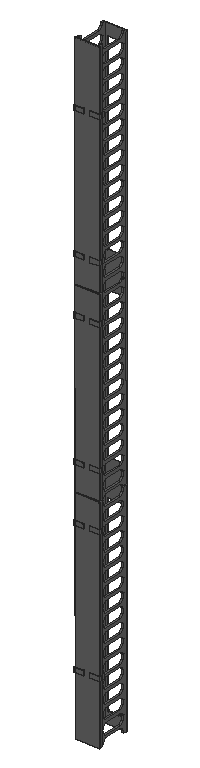
Revit family "Eurolan_Вертикальный организатор с крышкой с пластиковыми пальцами серия D9000 для шкафов шириной 750 мм", category Устройства связи, Revit 2019
Family settings
  Сохранять ориентацию аннотаций = Нет
  Размер круглого соединителя = Использовать диаметр
  Тип детали = Нормальный
  На основе рабочей плоскости = Нет
  Всегда вертикально = Да
  При загрузке вырезать с полостями = Нет
  Общий = Нет
  Точка расчета площади = Нет
Parameters (values of type "Вертикальный организатор с крышкой_48U")
  Выбор_графики = Вертикальный организатор с крышкой 48U с пластиковыми пальцами : Вертикальный организатор с крышкой 48U с пластиковыми пальцами
  ADSK_Примечание = ""
  ADSK_Позиция = ""
  ADSK_Наименование краткое = "Вертикальный организатор с крышкой, 48U, с пластиковыми пальцами"
  ADSK_Наименование = "Вертикальный организатор с крышкой, 48U, с пластиковыми пальцами, серия D9000 (2 шт.), для шкафов шириной 750 мм"
  ADSK_Материал = RAL 9005
  ADSK_Масса = 0
  ADSK_Марка = ""
  ADSK_Количество = 1  # constant formula
  ADSK_Код изделия = "60A-18-48-16-31BL"
  ADSK_Завод-изготовитель = "Eurolan"  # constant formula
  ADSK_Единица измерения = "шт"  # constant formula
Types (3, lengths in mm): name | Выбор_графики | ADSK_Наименование краткое | ADSK_Наименование | ADSK_Код изделия
  (no name) | Вертикальный организатор с крышкой 48U с пластиковыми пальцами : Вертикальный организатор с крышкой 48U с пластиковыми пальцами | "Вертикальный организатор с крышкой, 48U, с пластиковыми пальцами" | "Вертикальный организатор с крышкой, 48U, с пластиковыми пальцами, серия D9000 (2 шт.), для шкафов шириной 750 мм" | "60A-18-48-16-31BL"
  Вертикальный организатор с крышкой_42U | Вертикальный организатор с крышкой 42U с пластиковыми пальцами : Вертикальный организатор с крышкой 42U с пластиковыми пальцами | "Вертикальный организатор с крышкой, 42U, с пластиковыми пальцами" | "Вертикальный организатор с крышкой, 42U, с пластиковыми пальцами, серия D9000 (2 шт.), для шкафов шириной 750 мм" | "60A-18-42-16-31BL"
  Вертикальный организатор с крышкой_48U | Вертикальный организатор с крышкой 48U с пластиковыми пальцами : Вертикальный организатор с крышкой 48U с пластиковыми пальцами | "Вертикальный организатор с крышкой, 48U, с пластиковыми пальцами" | "Вертикальный организатор с крышкой, 48U, с пластиковыми пальцами, серия D9000 (2 шт.), для шкафов шириной 750 мм" | "60A-18-48-16-31BL"
Reference planes
  plane 1 "По центру (Вперед/Назад)": y = 0
  plane 2: z = 0
  plane 3 "По центру (Влево/Вправо)": x = 0
Dimensions and locks
  aligned and locked: level to plane 2
Nested families
  nested 1: "Вертикальный организатор с крышкой 48U с пластиковыми пальцами" at (0, 110, 0), type <- "Выбор_графики", type "Вертикальный организатор с крышкой 48U с пластиковыми пальцами"
Definition of nested family "Вертикальный организатор с крышкой 48U с пластиковыми пальцами"
  Parameters (values of type "Вертикальный организатор с крышкой 48U с пластиковыми пальцами")
    у = 76 mm
    р = 36.4 mm
    п = 88.3 mm
    о = 96.4 mm
    длина_1 = 1710 mm
    ШиринаОборудования = 444 mm
    Ширина_1 = 465 mm
    Длина = 2043 mm
    URL = ""
    ADSK_Размер_Ширина = 482.6 mm  # constant formula
    ADSK_Размер_Глубина = 117.4 mm
    ADSK_Размер_Высота = 43.8 mm
    ADSK_Материал = none
    1U_8портов = yes
  Reference planes
    plane 1 "По центру (Вперед/Назад)": y = 0
    plane 2: z = 0
    plane 3 "По центру (Влево/Вправо)": x = 0
  Forms (mm)
    Extrusion 1, solid, detail levels fine
      sketch origin (-0.082, 2, 21.982) x (0.000255, 0, -1) y (1, 0, 0.000255)
        loop
          line (1021.5, 37.643) -> (-1021.5, 37.643) -> (-1021.5, -38.243) -> (1021.5, -38.243) -> (1021.5, 37.643)
        loop
          arc (361.945, 25.567) -> (360.57, 24.998) -> (360, 23.623) r 1.945
          line (360, 23.623) -> (360, -19.752)
          arc (360, -19.752) -> (360.868, -21.848) -> (362.965, -22.717) r 2.965
          line (362.965, -22.717) -> (980.647, -22.717)
          arc (980.647, -22.717) -> (982.664, -21.881) -> (983.5, -19.863) r 2.853
          line (983.5, -19.863) -> (983.5, 22.659)
          arc (983.5, 22.659) -> (982.583, 24.521) -> (980.79, 25.567) r 3.599
          line (980.79, 25.567) -> (361.945, 25.567)
        loop
          arc (-242.673, 25.567) -> (-244.048, 24.998) -> (-244.617, 23.623) r 1.945
          line (-244.617, 23.623) -> (-244.617, -19.752)
          arc (-244.617, -19.752) -> (-243.749, -21.848) -> (-241.653, -22.717) r 2.965
          line (-241.653, -22.717) -> (242.53, -22.717)
          arc (242.53, -22.717) -> (244.547, -21.881) -> (245.383, -19.863) r 2.853
          line (245.383, -19.863) -> (245.383, 22.659)
          arc (245.383, 22.659) -> (244.465, 24.521) -> (242.673, 25.567) r 3.599
          line (242.673, 25.567) -> (-242.673, 25.567)
        loop
          arc (-981.54, 25.567) -> (-982.915, 24.998) -> (-983.485, 23.623) r 1.945
          line (-983.485, 23.623) -> (-983.485, -19.752)
          arc (-983.485, -19.752) -> (-982.616, -21.848) -> (-980.52, -22.717) r 2.965
          line (-980.52, -22.717) -> (-362.838, -22.717)
          arc (-362.838, -22.717) -> (-360.82, -21.881) -> (-359.985, -19.863) r 2.853
          line (-359.985, -19.863) -> (-359.985, 22.659)
          arc (-359.985, 22.659) -> (-360.902, 24.521) -> (-362.695, 25.567) r 3.599
          line (-362.695, 25.567) -> (-981.54, 25.567)
      from 0 to 2
    Extrusion 2, solid, detail levels fine
      sketch origin (-22.282, 0, 21.976) x (0, 1, 0) y (1, 0, 0.000255)
        loop
          line (0, 53.33) -> (0, 59.843) -> (-97.776, 59.843)
          arc (-97.776, 59.843) -> (-96.099, 56.587) -> (-97.776, 53.33) r 4
          line (-97.776, 53.33) -> (0, 53.33)
        loop
          line (-0.032, -9.011) -> (-97.808, -9.011)
          arc (-97.808, -9.011) -> (-96.131, -12.267) -> (-97.808, -15.523) r 4
          line (-97.808, -15.523) -> (-0.032, -15.523) -> (-0.032, -9.011)
      from -1021.5 to 1021.5
    Extrusion 3, void
      sketch origin (-22.282, 0, 21.976) x (0.000255, 0, -1) y (0, 1, 0)
        loop
          line (-836.612, -10.052) -> (-851.188, -10.052) -> (-862.1, -20.964) -> (-862.1, -86.182) -> (-851.188, -97.094) -> (-846.188, -97.094) -> (-846.188, -105.876) -> (-841.612, -105.876) -> (-841.612, -97.094) -> (-836.612, -97.094) -> (-825.7, -86.182) -> (-825.7, -20.964) -> (-836.612, -10.052)
        loop
          line (-881.012, -10.052) -> (-895.588, -10.052) -> (-906.5, -20.964) -> (-906.5, -86.182) -> (-895.588, -97.094) -> (-890.588, -97.094) -> (-890.588, -105.876) -> (-886.012, -105.876) -> (-886.012, -97.094) -> (-881.012, -97.094) -> (-870.1, -86.182) -> (-870.1, -20.964) -> (-881.012, -10.052)
        loop
          line (-925.412, -10.052) -> (-939.988, -10.052) -> (-950.9, -20.964) -> (-950.9, -86.182) -> (-939.988, -97.094) -> (-934.988, -97.094) -> (-934.988, -105.876) -> (-930.412, -105.876) -> (-930.412, -97.094) -> (-925.412, -97.094) -> (-914.5, -86.182) -> (-914.5, -20.964) -> (-925.412, -10.052)
        loop
          line (-969.812, -10.052) -> (-984.388, -10.052) -> (-995.3, -20.964) -> (-995.3, -86.182) -> (-984.388, -97.094) -> (-979.388, -97.094) -> (-979.388, -105.876) -> (-974.812, -105.876) -> (-974.812, -97.094) -> (-969.812, -97.094) -> (-958.9, -86.182) -> (-958.9, -20.964) -> (-969.812, -10.052)
        loop
          line (-1014.212, -10.052) -> (-1028.788, -10.052) -> (-1039.7, -20.964) -> (-1039.7, -86.182) -> (-1028.788, -97.094) -> (-1023.788, -97.094) -> (-1023.788, -105.876) -> (-1019.212, -105.876) -> (-1019.212, -97.094) -> (-1014.212, -97.094) -> (-1003.3, -86.182) -> (-1003.3, -20.964) -> (-1014.212, -10.052)
        loop
          line (-659.012, -10.052) -> (-673.588, -10.052) -> (-684.5, -20.964) -> (-684.5, -86.182) -> (-673.588, -97.094) -> (-668.588, -97.094) -> (-668.588, -105.876) -> (-664.012, -105.876) -> (-664.012, -97.094) -> (-659.012, -97.094) -> (-648.1, -86.182) -> (-648.1, -20.964) -> (-659.012, -10.052)
        loop
          line (-703.412, -10.052) -> (-717.988, -10.052) -> (-728.9, -20.964) -> (-728.9, -86.182) -> (-717.988, -97.094) -> (-712.988, -97.094) -> (-712.988, -105.876) -> (-708.412, -105.876) -> (-708.412, -97.094) -> (-703.412, -97.094) -> (-692.5, -86.182) -> (-692.5, -20.964) -> (-703.412, -10.052)
        loop
          line (-747.812, -10.052) -> (-762.388, -10.052) -> (-773.3, -20.964) -> (-773.3, -86.182) -> (-762.388, -97.094) -> (-757.388, -97.094) -> (-757.388, -105.876) -> (-752.812, -105.876) -> (-752.812, -97.094) -> (-747.812, -97.094) -> (-736.9, -86.182) -> (-736.9, -20.964) -> (-747.812, -10.052)
        loop
          line (-792.212, -10.052) -> (-806.788, -10.052) -> (-817.7, -20.964) -> (-817.7, -86.182) -> (-806.788, -97.094) -> (-801.788, -97.094) -> (-801.788, -105.876) -> (-797.212, -105.876) -> (-797.212, -97.094) -> (-792.212, -97.094) -> (-781.3, -86.182) -> (-781.3, -20.964) -> (-792.212, -10.052)
        loop
          line (-525.812, -10.052) -> (-540.388, -10.052) -> (-551.3, -20.964) -> (-551.3, -86.182) -> (-540.388, -97.094) -> (-535.388, -97.094) -> (-535.388, -105.876) -> (-530.812, -105.876) -> (-530.812, -97.094) -> (-525.812, -97.094) -> (-514.9, -86.182) -> (-514.9, -20.964) -> (-525.812, -10.052)
        loop
          line (-570.212, -10.052) -> (-584.788, -10.052) -> (-595.7, -20.964) -> (-595.7, -86.182) -> (-584.788, -97.094) -> (-579.788, -97.094) -> (-579.788, -105.876) -> (-575.212, -105.876) -> (-575.212, -97.094) -> (-570.212, -97.094) -> (-559.3, -86.182) -> (-559.3, -20.964) -> (-570.212, -10.052)
        loop
          line (-614.612, -10.052) -> (-629.188, -10.052) -> (-640.1, -20.964) -> (-640.1, -86.182) -> (-629.188, -97.094) -> (-624.188, -97.094) -> (-624.188, -105.876) -> (-619.612, -105.876) -> (-619.612, -97.094) -> (-614.612, -97.094) -> (-603.7, -86.182) -> (-603.7, -20.964) -> (-614.612, -10.052)
        loop
          line (-348.212, -10.052) -> (-362.788, -10.052) -> (-373.7, -20.964) -> (-373.7, -86.182) -> (-362.788, -97.094) -> (-357.788, -97.094) -> (-357.788, -105.876) -> (-353.212, -105.876) -> (-353.212, -97.094) -> (-348.212, -97.094) -> (-337.3, -86.182) -> (-337.3, -20.964) -> (-348.212, -10.052)
        loop
          line (-392.612, -10.052) -> (-407.188, -10.052) -> (-418.1, -20.964) -> (-418.1, -86.182) -> (-407.188, -97.094) -> (-402.188, -97.094) -> (-402.188, -105.876) -> (-397.612, -105.876) -> (-397.612, -97.094) -> (-392.612, -97.094) -> (-381.7, -86.182) -> (-381.7, -20.964) -> (-392.612, -10.052)
        loop
          line (-437.012, -10.052) -> (-451.588, -10.052) -> (-462.5, -20.964) -> (-462.5, -86.182) -> (-451.588, -97.094) -> (-446.588, -97.094) -> (-446.588, -105.876) -> (-442.012, -105.876) -> (-442.012, -97.094) -> (-437.012, -97.094) -> (-426.1, -86.182) -> (-426.1, -20.964) -> (-437.012, -10.052)
        loop
          line (-481.412, -10.052) -> (-495.988, -10.052) -> (-506.9, -20.964) -> (-506.9, -86.182) -> (-495.988, -97.094) -> (-490.988, -97.094) -> (-490.988, -105.876) -> (-486.412, -105.876) -> (-486.412, -97.094) -> (-481.412, -97.094) -> (-470.5, -86.182) -> (-470.5, -20.964) -> (-481.412, -10.052)
        loop
          line (-215.012, -10.052) -> (-229.588, -10.052) -> (-240.5, -20.964) -> (-240.5, -86.182) -> (-229.588, -97.094) -> (-224.588, -97.094) -> (-224.588, -105.876) -> (-220.012, -105.876) -> (-220.012, -97.094) -> (-215.012, -97.094) -> (-204.1, -86.182) -> (-204.1, -20.964) -> (-215.012, -10.052)
        loop
          line (-259.412, -10.052) -> (-273.988, -10.052) -> (-284.9, -20.964) -> (-284.9, -86.182) -> (-273.988, -97.094) -> (-268.988, -97.094) -> (-268.988, -105.876) -> (-264.412, -105.876) -> (-264.412, -97.094) -> (-259.412, -97.094) -> (-248.5, -86.182) -> (-248.5, -20.964) -> (-259.412, -10.052)
        loop
          line (-303.812, -10.052) -> (-318.388, -10.052) -> (-329.3, -20.964) -> (-329.3, -86.182) -> (-318.388, -97.094) -> (-313.388, -97.094) -> (-313.388, -105.876) -> (-308.812, -105.876) -> (-308.812, -97.094) -> (-303.812, -97.094) -> (-292.9, -86.182) -> (-292.9, -20.964) -> (-303.812, -10.052)
        loop
          line (96.088, -10.052) -> (81.512, -10.052) -> (70.6, -20.964) -> (70.6, -86.182) -> (81.512, -97.094) -> (86.512, -97.094) -> (86.512, -105.876) -> (91.088, -105.876) -> (91.088, -97.094) -> (96.088, -97.094) -> (107, -86.182) -> (107, -20.964) -> (96.088, -10.052)
        loop
          line (51.688, -10.052) -> (37.112, -10.052) -> (26.2, -20.964) -> (26.2, -86.182) -> (37.112, -97.094) -> (42.112, -97.094) -> (42.112, -105.876) -> (46.688, -105.876) -> (46.688, -97.094) -> (51.688, -97.094) -> (62.6, -86.182) -> (62.6, -20.964) -> (51.688, -10.052)
        loop
          line (-170.612, -10.052) -> (-185.188, -10.052) -> (-196.1, -20.964) -> (-196.1, -86.182) -> (-185.188, -97.094) -> (-180.188, -97.094) -> (-180.188, -105.876) -> (-175.612, -105.876) -> (-175.612, -97.094) -> (-170.612, -97.094) -> (-159.7, -86.182) -> (-159.7, -20.964) -> (-170.612, -10.052)
        loop
          line (273.688, -10.052) -> (259.112, -10.052) -> (248.2, -20.964) -> (248.2, -86.182) -> (259.112, -97.094) -> (264.112, -97.094) -> (264.112, -105.876) -> (268.688, -105.876) -> (268.688, -97.094) -> (273.688, -97.094) -> (284.6, -86.182) -> (284.6, -20.964) -> (273.688, -10.052)
        loop
          line (229.288, -10.052) -> (214.712, -10.052) -> (203.8, -20.964) -> (203.8, -86.182) -> (214.712, -97.094) -> (219.712, -97.094) -> (219.712, -105.876) -> (224.288, -105.876) -> (224.288, -97.094) -> (229.288, -97.094) -> (240.2, -86.182) -> (240.2, -20.964) -> (229.288, -10.052)
        loop
          line (184.888, -10.052) -> (170.312, -10.052) -> (159.4, -20.964) -> (159.4, -86.182) -> (170.312, -97.094) -> (175.312, -97.094) -> (175.312, -105.876) -> (179.888, -105.876) -> (179.888, -97.094) -> (184.888, -97.094) -> (195.8, -86.182) -> (195.8, -20.964) -> (184.888, -10.052)
        loop
          line (140.488, -10.052) -> (125.912, -10.052) -> (115, -20.964) -> (115, -86.182) -> (125.912, -97.094) -> (130.912, -97.094) -> (130.912, -105.876) -> (135.488, -105.876) -> (135.488, -97.094) -> (140.488, -97.094) -> (151.4, -86.182) -> (151.4, -20.964) -> (140.488, -10.052)
        loop
          line (451.288, -10.052) -> (436.712, -10.052) -> (425.8, -20.964) -> (425.8, -86.182) -> (436.712, -97.094) -> (441.712, -97.094) -> (441.712, -105.876) -> (446.288, -105.876) -> (446.288, -97.094) -> (451.288, -97.094) -> (462.2, -86.182) -> (462.2, -20.964) -> (451.288, -10.052)
        loop
          line (406.888, -10.052) -> (392.312, -10.052) -> (381.4, -20.964) -> (381.4, -86.182) -> (392.312, -97.094) -> (397.312, -97.094) -> (397.312, -105.876) -> (401.888, -105.876) -> (401.888, -97.094) -> (406.888, -97.094) -> (417.8, -86.182) -> (417.8, -20.964) -> (406.888, -10.052)
        loop
          line (362.488, -10.052) -> (347.912, -10.052) -> (337, -20.964) -> (337, -86.182) -> (347.912, -97.094) -> (352.912, -97.094) -> (352.912, -105.876) -> (357.488, -105.876) -> (357.488, -97.094) -> (362.488, -97.094) -> (373.4, -86.182) -> (373.4, -20.964) -> (362.488, -10.052)
        loop
          line (318.088, -10.052) -> (303.512, -10.052) -> (292.6, -20.964) -> (292.6, -86.182) -> (303.512, -97.094) -> (308.512, -97.094) -> (308.512, -105.876) -> (313.088, -105.876) -> (313.088, -97.094) -> (318.088, -97.094) -> (329, -86.182) -> (329, -20.964) -> (318.088, -10.052)
        loop
          line (584.488, -10.052) -> (569.912, -10.052) -> (559, -20.964) -> (559, -86.182) -> (569.912, -97.094) -> (574.912, -97.094) -> (574.912, -105.876) -> (579.488, -105.876) -> (579.488, -97.094) -> (584.488, -97.094) -> (595.4, -86.182) -> (595.4, -20.964) -> (584.488, -10.052)
        loop
          line (540.088, -10.052) -> (525.512, -10.052) -> (514.6, -20.964) -> (514.6, -86.182) -> (525.512, -97.094) -> (530.512, -97.094) -> (530.512, -105.876) -> (535.088, -105.876) -> (535.088, -97.094) -> (540.088, -97.094) -> (551, -86.182) -> (551, -20.964) -> (540.088, -10.052)
        loop
          line (495.688, -10.052) -> (481.112, -10.052) -> (470.2, -20.964) -> (470.2, -86.182) -> (481.112, -97.094) -> (486.112, -97.094) -> (486.112, -105.876) -> (490.688, -105.876) -> (490.688, -97.094) -> (495.688, -97.094) -> (506.6, -86.182) -> (506.6, -20.964) -> (495.688, -10.052)
        loop
          line (762.088, -10.052) -> (747.512, -10.052) -> (736.6, -20.964) -> (736.6, -86.182) -> (747.512, -97.094) -> (752.512, -97.094) -> (752.512, -105.876) -> (757.088, -105.876) -> (757.088, -97.094) -> (762.088, -97.094) -> (773, -86.182) -> (773, -20.964) -> (762.088, -10.052)
        loop
          line (717.688, -10.052) -> (703.112, -10.052) -> (692.2, -20.964) -> (692.2, -86.182) -> (703.112, -97.094) -> (708.112, -97.094) -> (708.112, -105.876) -> (712.688, -105.876) -> (712.688, -97.094) -> (717.688, -97.094) -> (728.6, -86.182) -> (728.6, -20.964) -> (717.688, -10.052)
        loop
          line (673.288, -10.052) -> (658.712, -10.052) -> (647.8, -20.964) -> (647.8, -86.182) -> (658.712, -97.094) -> (663.712, -97.094) -> (663.712, -105.876) -> (668.288, -105.876) -> (668.288, -97.094) -> (673.288, -97.094) -> (684.2, -86.182) -> (684.2, -20.964) -> (673.288, -10.052)
        loop
          line (628.888, -10.052) -> (614.312, -10.052) -> (603.4, -20.964) -> (603.4, -86.182) -> (614.312, -97.094) -> (619.312, -97.094) -> (619.312, -105.876) -> (623.888, -105.876) -> (623.888, -97.094) -> (628.888, -97.094) -> (639.8, -86.182) -> (639.8, -20.964) -> (628.888, -10.052)
        loop
          line (850.888, -10.052) -> (836.312, -10.052) -> (825.4, -20.964) -> (825.4, -86.182) -> (836.312, -97.094) -> (841.312, -97.094) -> (841.312, -105.876) -> (845.888, -105.876) -> (845.888, -97.094) -> (850.888, -97.094) -> (861.8, -86.182) -> (861.8, -20.964) -> (850.888, -10.052)
        loop
          line (806.488, -10.052) -> (791.912, -10.052) -> (781, -20.964) -> (781, -86.182) -> (791.912, -97.094) -> (796.912, -97.094) -> (796.912, -105.876) -> (801.488, -105.876) -> (801.488, -97.094) -> (806.488, -97.094) -> (817.4, -86.182) -> (817.4, -20.964) -> (806.488, -10.052)
        loop
          line (895.288, -10.052) -> (880.712, -10.052) -> (869.8, -20.964) -> (869.8, -86.182) -> (880.712, -97.094) -> (885.712, -97.094) -> (885.712, -105.876) -> (890.288, -105.876) -> (890.288, -97.094) -> (895.288, -97.094) -> (906.2, -86.182) -> (906.2, -20.964) -> (895.288, -10.052)
        loop
          line (939.688, -10.052) -> (925.112, -10.052) -> (914.2, -20.964) -> (914.2, -86.182) -> (925.112, -97.094) -> (930.112, -97.094) -> (930.112, -105.876) -> (934.688, -105.876) -> (934.688, -97.094) -> (939.688, -97.094) -> (950.6, -86.182) -> (950.6, -20.964) -> (939.688, -10.052)
        loop
          line (984.088, -10.052) -> (969.512, -10.052) -> (958.6, -20.964) -> (958.6, -86.182) -> (969.512, -97.094) -> (974.512, -97.094) -> (974.512, -105.876) -> (979.088, -105.876) -> (979.088, -97.094) -> (984.088, -97.094) -> (995, -86.182) -> (995, -20.964) -> (984.088, -10.052)
        loop
          line (1028.488, -10.052) -> (1013.912, -10.052) -> (1003, -20.964) -> (1003, -86.182) -> (1013.912, -97.094) -> (1018.912, -97.094) -> (1018.912, -105.876) -> (1023.488, -105.876) -> (1023.488, -97.094) -> (1028.488, -97.094) -> (1039.4, -86.182) -> (1039.4, -20.964) -> (1028.488, -10.052)
        loop
          line (7.288, -10.052) -> (-7.288, -10.052) -> (-18.2, -20.964) -> (-18.2, -86.182) -> (-7.288, -97.094) -> (-2.288, -97.094) -> (-2.288, -105.876) -> (2.288, -105.876) -> (2.288, -97.094) -> (7.288, -97.094) -> (18.2, -86.182) -> (18.2, -20.964) -> (7.288, -10.052)
        loop
          line (-37.112, -10.052) -> (-51.688, -10.052) -> (-62.6, -20.964) -> (-62.6, -86.182) -> (-51.688, -97.094) -> (-46.688, -97.094) -> (-46.688, -105.876) -> (-42.112, -105.876) -> (-42.112, -97.094) -> (-37.112, -97.094) -> (-26.2, -86.182) -> (-26.2, -20.964) -> (-37.112, -10.052)
        loop
          line (-81.512, -10.052) -> (-96.088, -10.052) -> (-107, -20.964) -> (-107, -86.182) -> (-96.088, -97.094) -> (-91.088, -97.094) -> (-91.088, -105.876) -> (-86.512, -105.876) -> (-86.512, -97.094) -> (-81.512, -97.094) -> (-70.6, -86.182) -> (-70.6, -20.964) -> (-81.512, -10.052)
        loop
          line (-125.912, -10.052) -> (-140.488, -10.052) -> (-151.4, -20.964) -> (-151.4, -86.182) -> (-140.488, -97.094) -> (-135.488, -97.094) -> (-135.488, -105.876) -> (-130.912, -105.876) -> (-130.912, -97.094) -> (-125.912, -97.094) -> (-115, -86.182) -> (-115, -20.964) -> (-125.912, -10.052)
      from -23.169 to 67.433
    Extrusion 4, solid, detail levels fine
      sketch origin (-22.148, 0, 21.976) x (0.000255, 0, -1) y (1, 0, 0.000255)
        loop
          arc (-1019.506, 61.153) -> (-1020.924, 60.565) -> (-1021.511, 59.147) r 2.006
          line (-1021.511, 59.147) -> (-1021.511, -15.983)
          arc (-1021.511, -15.983) -> (-1021.092, -16.994) -> (-1020.08, -17.414) r 1.431
          line (-1020.08, -17.414) -> (1019.5, -17.414)
          arc (1019.5, -17.414) -> (1020.914, -16.828) -> (1021.5, -15.414) r 2
          line (1021.5, -15.414) -> (1021.5, 59.152)
          arc (1021.5, 59.152) -> (1020.914, 60.567) -> (1019.499, 61.153) r 2.001
          line (1019.499, 61.153) -> (-1019.506, 61.153)
      from 109.305 to 110.805
    Extrusion 5, solid, detail levels fine
      sketch origin (-22.282, 0, 21.976) x (0, 1, 0) y (1, 0, 0.000255)
        loop
          circle (-100.1, 56.498) r 4
        loop
          circle (-100.1, -12.451) r 4
      from -1021.511 to 1021.5
    Extrusion 6, solid, detail levels fine
      sketch origin (-22.267, 0, -36.055) x (0, 1, 0) y (-1, 0, -0.000255)
        loop
          line (-113.183, -31.662) -> (-113.183, -63.926) -> (-105.998, -63.926) -> (-105.998, -62.042) -> (-94.798, -62.042) -> (-94.798, -60.202) -> (-97.485, -60.202)
          arc (-97.485, -60.202) -> (-98.854, -60.783) -> (-100.327, -60.981) r 5.577
          arc (-100.327, -60.981) -> (-104.827, -56.481) -> (-100.327, -51.981) r 4.5
          arc (-100.327, -51.981) -> (-98.766, -52.173) -> (-97.322, -52.794) r 5.578
          line (-97.322, -52.794) -> (-94.798, -52.794) -> (-94.798, -50.954) -> (-105.998, -50.954) -> (-105.998, -31.662) -> (-108.808, -31.662) -> (-108.808, -61.685) -> (-111.683, -61.685) -> (-111.683, -31.662) -> (-113.183, -31.662)
      from -163.352 to -148.352
    Extrusion 7, solid, detail levels fine
      sketch origin (-0.366, 0, -36.049) x (0, 1, 0) y (-1, 0, -0.000255)
        loop
          line (-113.06, 10.291) -> (-111.56, 10.291) -> (-111.56, 39.738) -> (-108.686, 39.738) -> (-108.686, 10.291) -> (-105.876, 10.291) -> (-105.876, 28.723) -> (-94.57, 28.723) -> (-94.57, 30.562) -> (-97.094, 30.562)
          arc (-97.094, 30.562) -> (-98.534, 29.908) -> (-100.1, 29.683) r 5.577
          arc (-100.1, 29.683) -> (-104.6, 34.183) -> (-100.1, 38.683) r 4.5
          arc (-100.1, 38.683) -> (-98.627, 38.485) -> (-97.258, 37.905) r 5.577
          line (-97.258, 37.905) -> (-94.57, 37.905) -> (-94.57, 39.744) -> (-105.876, 39.744) -> (-105.876, 41.979) -> (-113.06, 41.979) -> (-113.06, 10.291)
      from -163.352 to -148.352
    Extrusion 8, solid, detail levels fine
      sketch origin (-22.282, 0, 21.976) x (0.000255, 0, -1) y (0, 1, 0)
        loop
          line (-1021.511, -109.305) -> (-1021.511, -110.805) -> (1021.5, -110.805) -> (1021.5, -109.305) -> (-1021.511, -109.305)
      from -17.067 to 61.209
    Extrusion 9, solid, detail levels fine
      sketch origin (-22.296, 0, 79.241) x (0, 1, 0) y (1, 0, 0.000255)
        loop
          line (-113.183, 31.662) -> (-111.683, 31.662) -> (-111.683, 61.685) -> (-108.808, 61.685) -> (-108.808, 31.662) -> (-105.998, 31.662) -> (-105.998, 50.954) -> (-94.798, 50.954) -> (-94.798, 52.794) -> (-97.322, 52.794)
          arc (-97.322, 52.794) -> (-98.766, 52.173) -> (-100.327, 51.981) r 5.578
          arc (-100.327, 51.981) -> (-104.827, 56.481) -> (-100.327, 60.981) r 4.5
          arc (-100.327, 60.981) -> (-98.854, 60.783) -> (-97.485, 60.202) r 5.577
          line (-97.485, 60.202) -> (-94.798, 60.202) -> (-94.798, 62.042) -> (-105.998, 62.042) -> (-105.998, 63.926) -> (-113.183, 63.926) -> (-113.183, 31.662)
      from -163.352 to -148.352
    Extrusion 10, solid, detail levels fine
      sketch origin (-0.396, 0, 79.247) x (0, 1, 0) y (1, 0, 0.000255)
        loop
          line (-113.06, -10.291) -> (-113.06, -41.979) -> (-105.876, -41.979) -> (-105.876, -39.744) -> (-94.57, -39.744) -> (-94.57, -37.905) -> (-97.258, -37.905)
          arc (-97.258, -37.905) -> (-98.627, -38.485) -> (-100.1, -38.683) r 5.577
          arc (-100.1, -38.683) -> (-104.6, -34.183) -> (-100.1, -29.683) r 4.5
          arc (-100.1, -29.683) -> (-98.534, -29.908) -> (-97.094, -30.562) r 5.577
          line (-97.094, -30.562) -> (-94.57, -30.562) -> (-94.57, -28.723) -> (-105.876, -28.723) -> (-105.876, -10.291) -> (-108.686, -10.291) -> (-108.686, -39.738) -> (-111.56, -39.738) -> (-111.56, -10.291) -> (-113.06, -10.291)
      from -163.352 to -148.352
    Extrusion 11, solid, detail levels fine
      sketch origin (-22.113, 0, -640.672) x (0, 1, 0) y (-1, 0, -0.000255)
        loop
          line (-113.183, -31.662) -> (-113.183, -63.926) -> (-105.998, -63.926) -> (-105.998, -62.042) -> (-94.798, -62.042) -> (-94.798, -60.202) -> (-97.485, -60.202)
          arc (-97.485, -60.202) -> (-98.854, -60.783) -> (-100.327, -60.981) r 5.577
          arc (-100.327, -60.981) -> (-104.827, -56.481) -> (-100.327, -51.981) r 4.5
          arc (-100.327, -51.981) -> (-98.766, -52.173) -> (-97.322, -52.794) r 5.578
          line (-97.322, -52.794) -> (-94.798, -52.794) -> (-94.798, -50.954) -> (-105.998, -50.954) -> (-105.998, -31.662) -> (-108.808, -31.662) -> (-108.808, -61.685) -> (-111.683, -61.685) -> (-111.683, -31.662) -> (-113.183, -31.662)
      from -163.352 to -148.352
    Extrusion 12, solid, detail levels fine
      sketch origin (-0.212, 0, -640.666) x (0, 1, 0) y (-1, 0, -0.000255)
        loop
          line (-113.06, 10.291) -> (-111.56, 10.291) -> (-111.56, 39.738) -> (-108.686, 39.738) -> (-108.686, 10.291) -> (-105.876, 10.291) -> (-105.876, 28.723) -> (-94.57, 28.723) -> (-94.57, 30.562) -> (-97.094, 30.562)
          arc (-97.094, 30.562) -> (-98.534, 29.908) -> (-100.1, 29.683) r 5.577
          arc (-100.1, 29.683) -> (-104.6, 34.183) -> (-100.1, 38.683) r 4.5
          arc (-100.1, 38.683) -> (-98.627, 38.485) -> (-97.258, 37.905) r 5.577
          line (-97.258, 37.905) -> (-94.57, 37.905) -> (-94.57, 39.744) -> (-105.876, 39.744) -> (-105.876, 41.979) -> (-113.06, 41.979) -> (-113.06, 10.291)
      from -163.352 to -148.352
    Extrusion 13, solid, detail levels fine
      sketch origin (-22.142, 0, -525.376) x (0, 1, 0) y (1, 0, 0.000255)
        loop
          line (-113.183, 31.662) -> (-111.683, 31.662) -> (-111.683, 61.685) -> (-108.808, 61.685) -> (-108.808, 31.662) -> (-105.998, 31.662) -> (-105.998, 50.954) -> (-94.798, 50.954) -> (-94.798, 52.794) -> (-97.322, 52.794)
          arc (-97.322, 52.794) -> (-98.766, 52.173) -> (-100.327, 51.981) r 5.578
          arc (-100.327, 51.981) -> (-104.827, 56.481) -> (-100.327, 60.981) r 4.5
          arc (-100.327, 60.981) -> (-98.854, 60.783) -> (-97.485, 60.202) r 5.577
          line (-97.485, 60.202) -> (-94.798, 60.202) -> (-94.798, 62.042) -> (-105.998, 62.042) -> (-105.998, 63.926) -> (-113.183, 63.926) -> (-113.183, 31.662)
      from -163.352 to -148.352
    Extrusion 14, solid, detail levels fine
      sketch origin (-0.242, 0, -525.37) x (0, 1, 0) y (1, 0, 0.000255)
        loop
          line (-113.06, -10.291) -> (-113.06, -41.979) -> (-105.876, -41.979) -> (-105.876, -39.744) -> (-94.57, -39.744) -> (-94.57, -37.905) -> (-97.258, -37.905)
          arc (-97.258, -37.905) -> (-98.627, -38.485) -> (-100.1, -38.683) r 5.577
          arc (-100.1, -38.683) -> (-104.6, -34.183) -> (-100.1, -29.683) r 4.5
          arc (-100.1, -29.683) -> (-98.534, -29.908) -> (-97.094, -30.562) r 5.577
          line (-97.094, -30.562) -> (-94.57, -30.562) -> (-94.57, -28.723) -> (-105.876, -28.723) -> (-105.876, -10.291) -> (-108.686, -10.291) -> (-108.686, -39.738) -> (-111.56, -39.738) -> (-111.56, -10.291) -> (-113.06, -10.291)
      from -163.352 to -148.352
    Extrusion 15, solid, detail levels fine
      sketch origin (-22.421, 0, 569.313) x (0, 1, 0) y (-1, 0, -0.000255)
        loop
          line (-113.183, -31.662) -> (-113.183, -63.926) -> (-105.998, -63.926) -> (-105.998, -62.042) -> (-94.798, -62.042) -> (-94.798, -60.202) -> (-97.485, -60.202)
          arc (-97.485, -60.202) -> (-98.854, -60.783) -> (-100.327, -60.981) r 5.577
          arc (-100.327, -60.981) -> (-104.827, -56.481) -> (-100.327, -51.981) r 4.5
          arc (-100.327, -51.981) -> (-98.766, -52.173) -> (-97.322, -52.794) r 5.578
          line (-97.322, -52.794) -> (-94.798, -52.794) -> (-94.798, -50.954) -> (-105.998, -50.954) -> (-105.998, -31.662) -> (-108.808, -31.662) -> (-108.808, -61.685) -> (-111.683, -61.685) -> (-111.683, -31.662) -> (-113.183, -31.662)
      from -163.352 to -148.352
    Extrusion 16, solid, detail levels fine
      sketch origin (-0.521, 0, 569.844) x (0, 1, 0) y (-1, 0, -0.000255)
        loop
          line (-113.06, 10.291) -> (-111.56, 10.291) -> (-111.56, 39.738) -> (-108.686, 39.738) -> (-108.686, 10.291) -> (-105.876, 10.291) -> (-105.876, 28.723) -> (-94.57, 28.723) -> (-94.57, 30.562) -> (-97.094, 30.562)
          arc (-97.094, 30.562) -> (-98.534, 29.908) -> (-100.1, 29.683) r 5.577
          arc (-100.1, 29.683) -> (-104.6, 34.183) -> (-100.1, 38.683) r 4.5
          arc (-100.1, 38.683) -> (-98.627, 38.485) -> (-97.258, 37.905) r 5.577
          line (-97.258, 37.905) -> (-94.57, 37.905) -> (-94.57, 39.744) -> (-105.876, 39.744) -> (-105.876, 41.979) -> (-113.06, 41.979) -> (-113.06, 10.291)
      from -163.352 to -148.352
    Extrusion 17, solid, detail levels fine
      sketch origin (-22.451, 0, 684.609) x (0, 1, 0) y (1, 0, 0.000255)
        loop
          line (-113.183, 31.662) -> (-111.683, 31.662) -> (-111.683, 61.685) -> (-108.808, 61.685) -> (-108.808, 31.662) -> (-105.998, 31.662) -> (-105.998, 50.954) -> (-94.798, 50.954) -> (-94.798, 52.794) -> (-97.322, 52.794)
          arc (-97.322, 52.794) -> (-98.766, 52.173) -> (-100.327, 51.981) r 5.578
          arc (-100.327, 51.981) -> (-104.827, 56.481) -> (-100.327, 60.981) r 4.5
          arc (-100.327, 60.981) -> (-98.854, 60.783) -> (-97.485, 60.202) r 5.577
          line (-97.485, 60.202) -> (-94.798, 60.202) -> (-94.798, 62.042) -> (-105.998, 62.042) -> (-105.998, 63.926) -> (-113.183, 63.926) -> (-113.183, 31.662)
      from -163.352 to -148.352
    Extrusion 18, solid, detail levels fine
      sketch origin (-0.55, 0, 684.089) x (0, 1, 0) y (1, 0, 0.000255)
        loop
          line (-113.06, -10.291) -> (-113.06, -41.979) -> (-105.876, -41.979) -> (-105.876, -39.744) -> (-94.57, -39.744) -> (-94.57, -37.905) -> (-97.258, -37.905)
          arc (-97.258, -37.905) -> (-98.627, -38.485) -> (-100.1, -38.683) r 5.577
          arc (-100.1, -38.683) -> (-104.6, -34.183) -> (-100.1, -29.683) r 4.5
          arc (-100.1, -29.683) -> (-98.534, -29.908) -> (-97.094, -30.562) r 5.577
          line (-97.094, -30.562) -> (-94.57, -30.562) -> (-94.57, -28.723) -> (-105.876, -28.723) -> (-105.876, -10.291) -> (-108.686, -10.291) -> (-108.686, -39.738) -> (-111.56, -39.738) -> (-111.56, -10.291) -> (-113.06, -10.291)
      from -163.352 to -148.352
    Extrusion 19, void
      sketch origin (-22.282, 0, 21.976) x (0.000255, 0, -1) y (1, 0, 0.000255)
        loop
          line (-303.301, -17.279) -> (-299.115, -17.279) -> (-299.115, 61.287) -> (-303.301, 61.287) -> (-303.301, -17.279)
      from 0 to 113.183
    Extrusion 20, void
      sketch origin (-22.282, 0, 21.976) x (-0.000255, 0, 1) y (-1, 0, -0.000255)
        loop
          line (-306.3, 17.279) -> (-306.3, -61.287) -> (-301.301, -61.287) -> (-301.301, 17.279) -> (-306.3, 17.279)
      from 0 to 132.547
    Extrusion 21, solid, material <- "ADSK_Материал", detail levels coarse
      sketch origin (-21.623, -0.204, 21.965) x (0, 1, 0) y (1, 0, -0.000105)
        loop
          line (-113.183, 63.297) -> (-113.183, -21.008) -> (2.204, -21.008) -> (2.204, 63.297) -> (-113.183, 63.297)
      from -1021.5 to 1021.5
    Extrusion 22, solid, material <- "ADSK_Материал", detail levels medium
      sketch origin (0, 0, 0) x (1, 0, 0) y (0, 1, 0)
        loop
          line (-38.585, 2.327) -> (-38.585, -94.57) -> (-40.223, -94.57) -> (-40.223, -105.876) -> (-42.413, -105.876) -> (-42.413, -113.387) -> (41.592, -113.387) -> (41.592, -105.998) -> (39.813, -105.998) -> (39.813, -94.202) -> (37.584, -94.202) -> (37.584, 2.327) -> (-38.585, 2.327)
      from -999.518 to 1043.482
  Cuts and joins
    Extrusion 3, Extrusion 19, Extrusion 20 cuts Extrusion 2
    Extrusion 19, Extrusion 20 cuts Extrusion 1
    Extrusion 19, Extrusion 20 cuts Extrusion 8
    Extrusion 19, Extrusion 20 cuts Extrusion 5
    Extrusion 3, Extrusion 19, Extrusion 20 cuts Extrusion 4
  Dimensions and locks
    aligned and locked: level to plane 2
  Automatic sketch dimensions
    plane 1 "По центру (Вперед/Назад)" to Extrusion 21 sketch curve = 113.387 mm
    Extrusion 21 sketch curve to plane 1 "По центру (Вперед/Назад)" = 2 mm
    Extrusion 21 sketch curve to Extrusion 21 sketch curve = 84.305 mm
    plane 3 "По центру (Влево/Вправо)" to Extrusion 1 sketch curve = 37.301 mm
    level to Extrusion 1 sketch curve = 1043.491 mm
    Extrusion 1 sketch curve to Extrusion 1 sketch curve = 38.015 mm
    Extrusion 1 sketch curve to Extrusion 1 sketch curve = 1.945 mm  (x3)
    Extrusion 1 sketch curve to Extrusion 1 sketch curve = 2.965 mm  (x3)
    Extrusion 1 sketch curve to Extrusion 1 sketch curve = 618.005 mm  (x2)
    Extrusion 1 sketch curve to Extrusion 1 sketch curve = 0.697 mm  (x3)
    Extrusion 1 sketch curve to Extrusion 1 sketch curve = 0.84 mm  (x3)
    Extrusion 1 sketch curve to Extrusion 1 sketch curve = 3.55 mm  (x2)
    Extrusion 1 sketch curve to Extrusion 1 sketch curve = 115.368 mm
    Extrusion 1 sketch curve to Extrusion 1 sketch curve = 484.505 mm
    Extrusion 1 sketch curve to Extrusion 1 sketch curve = 2.853 mm
    Extrusion 1 sketch curve to Extrusion 1 sketch curve = 114.617 mm
    Extrusion 1 sketch curve to Extrusion 1 sketch curve = 38 mm
    Extrusion 1 sketch curve to Extrusion 1 sketch curve = 12.076 mm
    Extrusion 1 sketch curve to Extrusion 1 sketch curve = 0 mm  (x2)
    Extrusion 1 sketch curve to Extrusion 1 sketch curve = 2.908 mm  (x3)
    Extrusion 1 sketch curve to Extrusion 1 sketch curve = 43.374 mm  (x3)
    Extrusion 1 sketch curve to Extrusion 1 sketch curve = 18.38 mm
    plane 1 "По центру (Вперед/Назад)" to Extrusion 2 sketch curve = 0 mm
    plane 1 "По центру (Вперед/Назад)" to Extrusion 2 sketch curve = 0.032 mm
    plane 1 "По центру (Вперед/Назад)" to Extrusion 2 sketch curve = 97.776 mm
    Extrusion 2 sketch curve to Extrusion 2 sketch curve = 0 mm  (x2)
    Extrusion 2 sketch curve to Extrusion 2 sketch curve = 0.032 mm
    Extrusion 2 sketch curve to Extrusion 2 sketch curve = 2.323 mm  (x2)
    Extrusion 2 sketch curve to Extrusion 2 sketch curve = 3.256 mm  (x2)
    Extrusion 2 sketch curve to Extrusion 2 sketch curve = 62.341 mm
    plane 1 "По центру (Вперед/Назад)" to Extrusion 3 sketch curve = 20.964 mm  (x31)
    plane 1 "По центру (Вперед/Назад)" to Extrusion 3 sketch curve = 10.052 mm  (x47)
    Extrusion 3 sketch curve to Extrusion 3 sketch curve = 10.912 mm  (x187)
    plane 1 "По центру (Вперед/Назад)" to Extrusion 3 sketch curve = 97.094 mm  (x44)
    Extrusion 3 sketch curve to Extrusion 3 sketch curve = 5 mm  (x94)
    Extrusion 3 sketch curve to Extrusion 3 sketch curve = 4.576 mm  (x47)
    Extrusion 3 sketch curve to Extrusion 3 sketch curve = 14.576 mm  (x47)
    plane 1 "По центру (Вперед/Назад)" to Extrusion 3 sketch curve = 86.182 mm  (x27)
    Extrusion 3 sketch curve to Extrusion 3 sketch curve = 8 mm  (x45)
    Extrusion 3 sketch curve to Extrusion 3 sketch curve = 8.3 mm
    Extrusion 3 sketch curve to Extrusion 3 sketch curve = 0 mm  (x124)
    Extrusion 3 sketch curve to Extrusion 3 sketch curve = 8.781 mm  (x48)
    Extrusion 3 sketch curve to Extrusion 3 sketch curve = 19.693 mm  (x9)
    Extrusion 4 sketch curve to plane 3 "По центру (Влево/Вправо)" = 38.391 mm
    level to Extrusion 4 sketch curve = 1043.483 mm
    Extrusion 4 sketch curve to Extrusion 4 sketch curve = 1.431 mm
    Extrusion 4 sketch curve to Extrusion 4 sketch curve = 2.006 mm
    Extrusion 4 sketch curve to Extrusion 4 sketch curve = 2039.005 mm
    Extrusion 4 sketch curve to Extrusion 4 sketch curve = 0.001 mm
    Extrusion 4 sketch curve to Extrusion 4 sketch curve = 2.001 mm
    Extrusion 4 sketch curve to Extrusion 4 sketch curve = 75.13 mm
    plane 1 "По центру (Вперед/Назад)" to Extrusion 5 sketch curve = 100.1 mm
    Extrusion 5 sketch curve to Extrusion 5 sketch curve = 0 mm
    Extrusion 5 sketch curve to Extrusion 5 sketch curve = 68.949 mm
    plane 1 "По центру (Вперед/Назад)" to Extrusion 6 sketch curve = 113.183 mm
    Extrusion 6 sketch curve to Extrusion 6 sketch curve = 1.5 mm
    Extrusion 6 sketch curve to Extrusion 6 sketch curve = 2.874 mm
    Extrusion 6 sketch curve to Extrusion 6 sketch curve = 2.81 mm  (x2)
    Extrusion 6 sketch curve to Extrusion 6 sketch curve = 5.671 mm
    Extrusion 6 sketch curve to Extrusion 6 sketch curve = 0.104 mm
    Extrusion 6 sketch curve to Extrusion 6 sketch curve = 2.842 mm
    Extrusion 6 sketch curve to Extrusion 6 sketch curve = 3.006 mm
    Extrusion 6 sketch curve to Extrusion 6 sketch curve = 2.688 mm
    Extrusion 6 sketch curve to Extrusion 6 sketch curve = 2.524 mm
    Extrusion 6 sketch curve to Extrusion 6 sketch curve = 1.884 mm
    Extrusion 6 sketch curve to Extrusion 6 sketch curve = 2.241 mm
    Extrusion 6 sketch curve to Extrusion 6 sketch curve = 1.84 mm
    Extrusion 6 sketch curve to Extrusion 6 sketch curve = 2.644 mm
    Extrusion 6 sketch curve to Extrusion 6 sketch curve = 1.077 mm  (x2)
    Extrusion 6 sketch curve to Extrusion 6 sketch curve = 2.61 mm
    Extrusion 6 sketch curve to Extrusion 6 sketch curve = 1.027 mm
    Extrusion 6 sketch curve to Extrusion 6 sketch curve = 19.292 mm
    Extrusion 6 sketch curve to Extrusion 6 sketch curve = 0 mm
    plane 1 "По центру (Вперед/Назад)" to Extrusion 7 sketch curve = 113.06 mm
    Extrusion 7 sketch curve to Extrusion 7 sketch curve = 1.5 mm
    Extrusion 7 sketch curve to Extrusion 7 sketch curve = 2.874 mm
    Extrusion 7 sketch curve to Extrusion 7 sketch curve = 2.81 mm  (x2)
    Extrusion 7 sketch curve to Extrusion 7 sketch curve = 5.776 mm
    Extrusion 7 sketch curve to Extrusion 7 sketch curve = 2.842 mm
    Extrusion 7 sketch curve to Extrusion 7 sketch curve = 3.006 mm
    Extrusion 7 sketch curve to Extrusion 7 sketch curve = 2.688 mm
    Extrusion 7 sketch curve to Extrusion 7 sketch curve = 2.524 mm
    Extrusion 7 sketch curve to Extrusion 7 sketch curve = 0 mm  (x2)
    Extrusion 7 sketch curve to Extrusion 7 sketch curve = 18.432 mm
    Extrusion 7 sketch curve to Extrusion 7 sketch curve = 1.84 mm  (x2)
    Extrusion 7 sketch curve to Extrusion 7 sketch curve = 2.544 mm
    Extrusion 7 sketch curve to Extrusion 7 sketch curve = 1.077 mm  (x2)
    Extrusion 7 sketch curve to Extrusion 7 sketch curve = 2.644 mm
    Extrusion 7 sketch curve to Extrusion 7 sketch curve = 1.055 mm
    Extrusion 7 sketch curve to Extrusion 7 sketch curve = 2.241 mm
    plane 1 "По центру (Вперед/Назад)" to Extrusion 8 sketch curve = 110.805 mm
    Extrusion 8 sketch curve to Extrusion 8 sketch curve = 2043.011 mm
    Extrusion 8 sketch curve to Extrusion 8 sketch curve = 1.5 mm
    plane 1 "По центру (Вперед/Назад)" to Extrusion 9 sketch curve = 113.183 mm
    Extrusion 9 sketch curve to Extrusion 9 sketch curve = 1.5 mm
    Extrusion 9 sketch curve to Extrusion 9 sketch curve = 2.874 mm
    Extrusion 9 sketch curve to Extrusion 9 sketch curve = 2.81 mm  (x2)
    Extrusion 9 sketch curve to Extrusion 9 sketch curve = 5.671 mm
    Extrusion 9 sketch curve to Extrusion 9 sketch curve = 0.104 mm
    Extrusion 9 sketch curve to Extrusion 9 sketch curve = 2.842 mm
    Extrusion 9 sketch curve to Extrusion 9 sketch curve = 3.006 mm
    Extrusion 9 sketch curve to Extrusion 9 sketch curve = 2.688 mm
    Extrusion 9 sketch curve to Extrusion 9 sketch curve = 2.524 mm
    Extrusion 9 sketch curve to Extrusion 9 sketch curve = 0 mm
    Extrusion 9 sketch curve to Extrusion 9 sketch curve = 19.292 mm
    Extrusion 9 sketch curve to Extrusion 9 sketch curve = 1.84 mm  (x2)
    Extrusion 9 sketch curve to Extrusion 9 sketch curve = 2.61 mm
    Extrusion 9 sketch curve to Extrusion 9 sketch curve = 1.077 mm  (x2)
    Extrusion 9 sketch curve to Extrusion 9 sketch curve = 0.778 mm
    Extrusion 9 sketch curve to Extrusion 9 sketch curve = 0.704 mm
    Extrusion 9 sketch curve to Extrusion 9 sketch curve = 2.241 mm
    plane 1 "По центру (Вперед/Назад)" to Extrusion 10 sketch curve = 113.06 mm
    Extrusion 10 sketch curve to Extrusion 10 sketch curve = 1.5 mm
    Extrusion 10 sketch curve to Extrusion 10 sketch curve = 2.874 mm
    Extrusion 10 sketch curve to Extrusion 10 sketch curve = 2.81 mm  (x2)
    Extrusion 10 sketch curve to Extrusion 10 sketch curve = 5.776 mm
    Extrusion 10 sketch curve to Extrusion 10 sketch curve = 2.842 mm
    Extrusion 10 sketch curve to Extrusion 10 sketch curve = 3.006 mm
    Extrusion 10 sketch curve to Extrusion 10 sketch curve = 2.688 mm
    Extrusion 10 sketch curve to Extrusion 10 sketch curve = 2.524 mm
    Extrusion 10 sketch curve to Extrusion 10 sketch curve = 2.235 mm
    Extrusion 10 sketch curve to Extrusion 10 sketch curve = 2.241 mm
    Extrusion 10 sketch curve to Extrusion 10 sketch curve = 1.84 mm
    Extrusion 10 sketch curve to Extrusion 10 sketch curve = 2.644 mm
    Extrusion 10 sketch curve to Extrusion 10 sketch curve = 1.077 mm  (x2)
    Extrusion 10 sketch curve to Extrusion 10 sketch curve = 2.544 mm
    Extrusion 10 sketch curve to Extrusion 10 sketch curve = 0.96 mm
    Extrusion 10 sketch curve to Extrusion 10 sketch curve = 18.432 mm
    Extrusion 10 sketch curve to Extrusion 10 sketch curve = 0 mm  (x2)
    plane 1 "По центру (Вперед/Назад)" to Extrusion 11 sketch curve = 113.183 mm
    Extrusion 11 sketch curve to Extrusion 11 sketch curve = 1.5 mm
    Extrusion 11 sketch curve to Extrusion 11 sketch curve = 2.874 mm
    Extrusion 11 sketch curve to Extrusion 11 sketch curve = 2.81 mm  (x2)
    Extrusion 11 sketch curve to Extrusion 11 sketch curve = 5.671 mm
    Extrusion 11 sketch curve to Extrusion 11 sketch curve = 0.104 mm
    Extrusion 11 sketch curve to Extrusion 11 sketch curve = 2.842 mm
    Extrusion 11 sketch curve to Extrusion 11 sketch curve = 3.006 mm
    Extrusion 11 sketch curve to Extrusion 11 sketch curve = 2.688 mm
    Extrusion 11 sketch curve to Extrusion 11 sketch curve = 2.524 mm
    Extrusion 11 sketch curve to Extrusion 11 sketch curve = 1.884 mm
    Extrusion 11 sketch curve to Extrusion 11 sketch curve = 2.241 mm
    Extrusion 11 sketch curve to Extrusion 11 sketch curve = 1.84 mm
    Extrusion 11 sketch curve to Extrusion 11 sketch curve = 2.644 mm
    Extrusion 11 sketch curve to Extrusion 11 sketch curve = 1.077 mm  (x2)
    Extrusion 11 sketch curve to Extrusion 11 sketch curve = 2.61 mm
    Extrusion 11 sketch curve to Extrusion 11 sketch curve = 1.027 mm
    Extrusion 11 sketch curve to Extrusion 11 sketch curve = 19.292 mm
    Extrusion 11 sketch curve to Extrusion 11 sketch curve = 0 mm
    plane 1 "По центру (Вперед/Назад)" to Extrusion 12 sketch curve = 113.06 mm
    Extrusion 12 sketch curve to Extrusion 12 sketch curve = 1.5 mm
    Extrusion 12 sketch curve to Extrusion 12 sketch curve = 2.874 mm
    Extrusion 12 sketch curve to Extrusion 12 sketch curve = 2.81 mm  (x2)
    Extrusion 12 sketch curve to Extrusion 12 sketch curve = 5.776 mm
    Extrusion 12 sketch curve to Extrusion 12 sketch curve = 2.842 mm
    Extrusion 12 sketch curve to Extrusion 12 sketch curve = 3.006 mm
    Extrusion 12 sketch curve to Extrusion 12 sketch curve = 2.688 mm
    Extrusion 12 sketch curve to Extrusion 12 sketch curve = 2.524 mm
    Extrusion 12 sketch curve to Extrusion 12 sketch curve = 0 mm  (x2)
    Extrusion 12 sketch curve to Extrusion 12 sketch curve = 18.432 mm
    Extrusion 12 sketch curve to Extrusion 12 sketch curve = 1.84 mm  (x2)
    Extrusion 12 sketch curve to Extrusion 12 sketch curve = 2.544 mm
    Extrusion 12 sketch curve to Extrusion 12 sketch curve = 1.077 mm  (x2)
    Extrusion 12 sketch curve to Extrusion 12 sketch curve = 2.644 mm
    Extrusion 12 sketch curve to Extrusion 12 sketch curve = 1.055 mm
    Extrusion 12 sketch curve to Extrusion 12 sketch curve = 2.241 mm
    plane 1 "По центру (Вперед/Назад)" to Extrusion 13 sketch curve = 113.183 mm
    Extrusion 13 sketch curve to Extrusion 13 sketch curve = 1.5 mm
    Extrusion 13 sketch curve to Extrusion 13 sketch curve = 2.874 mm
    Extrusion 13 sketch curve to Extrusion 13 sketch curve = 2.81 mm  (x2)
    Extrusion 13 sketch curve to Extrusion 13 sketch curve = 5.671 mm
    Extrusion 13 sketch curve to Extrusion 13 sketch curve = 0.104 mm
    Extrusion 13 sketch curve to Extrusion 13 sketch curve = 2.842 mm
    Extrusion 13 sketch curve to Extrusion 13 sketch curve = 3.006 mm
    Extrusion 13 sketch curve to Extrusion 13 sketch curve = 2.688 mm
    Extrusion 13 sketch curve to Extrusion 13 sketch curve = 2.524 mm
    Extrusion 13 sketch curve to Extrusion 13 sketch curve = 0 mm
    Extrusion 13 sketch curve to Extrusion 13 sketch curve = 19.292 mm
    Extrusion 13 sketch curve to Extrusion 13 sketch curve = 1.84 mm  (x2)
    Extrusion 13 sketch curve to Extrusion 13 sketch curve = 2.61 mm
    Extrusion 13 sketch curve to Extrusion 13 sketch curve = 1.077 mm  (x2)
    Extrusion 13 sketch curve to Extrusion 13 sketch curve = 0.778 mm
    Extrusion 13 sketch curve to Extrusion 13 sketch curve = 0.704 mm
    Extrusion 13 sketch curve to Extrusion 13 sketch curve = 2.241 mm
    plane 1 "По центру (Вперед/Назад)" to Extrusion 14 sketch curve = 113.06 mm
    Extrusion 14 sketch curve to Extrusion 14 sketch curve = 1.5 mm
    Extrusion 14 sketch curve to Extrusion 14 sketch curve = 2.874 mm
    Extrusion 14 sketch curve to Extrusion 14 sketch curve = 2.81 mm  (x2)
    Extrusion 14 sketch curve to Extrusion 14 sketch curve = 5.776 mm
    Extrusion 14 sketch curve to Extrusion 14 sketch curve = 2.842 mm
    Extrusion 14 sketch curve to Extrusion 14 sketch curve = 3.006 mm
    Extrusion 14 sketch curve to Extrusion 14 sketch curve = 2.688 mm
    Extrusion 14 sketch curve to Extrusion 14 sketch curve = 2.524 mm
    Extrusion 14 sketch curve to Extrusion 14 sketch curve = 2.235 mm
    Extrusion 14 sketch curve to Extrusion 14 sketch curve = 2.241 mm
    Extrusion 14 sketch curve to Extrusion 14 sketch curve = 1.84 mm
    Extrusion 14 sketch curve to Extrusion 14 sketch curve = 2.644 mm
    Extrusion 14 sketch curve to Extrusion 14 sketch curve = 1.077 mm  (x2)
    Extrusion 14 sketch curve to Extrusion 14 sketch curve = 2.544 mm
    Extrusion 14 sketch curve to Extrusion 14 sketch curve = 0.96 mm
    Extrusion 14 sketch curve to Extrusion 14 sketch curve = 18.432 mm
    Extrusion 14 sketch curve to Extrusion 14 sketch curve = 0 mm  (x2)
    plane 1 "По центру (Вперед/Назад)" to Extrusion 15 sketch curve = 113.183 mm
    Extrusion 15 sketch curve to Extrusion 15 sketch curve = 1.5 mm
    Extrusion 15 sketch curve to Extrusion 15 sketch curve = 2.874 mm
    Extrusion 15 sketch curve to Extrusion 15 sketch curve = 2.81 mm  (x2)
    Extrusion 15 sketch curve to Extrusion 15 sketch curve = 5.671 mm
    Extrusion 15 sketch curve to Extrusion 15 sketch curve = 0.104 mm
    Extrusion 15 sketch curve to Extrusion 15 sketch curve = 2.842 mm
    Extrusion 15 sketch curve to Extrusion 15 sketch curve = 3.006 mm
    Extrusion 15 sketch curve to Extrusion 15 sketch curve = 2.688 mm
    Extrusion 15 sketch curve to Extrusion 15 sketch curve = 2.524 mm
    Extrusion 15 sketch curve to Extrusion 15 sketch curve = 1.884 mm
    Extrusion 15 sketch curve to Extrusion 15 sketch curve = 2.241 mm
    Extrusion 15 sketch curve to Extrusion 15 sketch curve = 1.84 mm
    Extrusion 15 sketch curve to Extrusion 15 sketch curve = 2.644 mm
    Extrusion 15 sketch curve to Extrusion 15 sketch curve = 1.077 mm  (x2)
    Extrusion 15 sketch curve to Extrusion 15 sketch curve = 2.61 mm
    Extrusion 15 sketch curve to Extrusion 15 sketch curve = 1.027 mm
    Extrusion 15 sketch curve to Extrusion 15 sketch curve = 19.292 mm
    Extrusion 15 sketch curve to Extrusion 15 sketch curve = 0 mm
    plane 1 "По центру (Вперед/Назад)" to Extrusion 16 sketch curve = 113.06 mm
    Extrusion 16 sketch curve to Extrusion 16 sketch curve = 1.5 mm
    Extrusion 16 sketch curve to Extrusion 16 sketch curve = 2.874 mm
    Extrusion 16 sketch curve to Extrusion 16 sketch curve = 2.81 mm  (x2)
    Extrusion 16 sketch curve to Extrusion 16 sketch curve = 5.776 mm
    Extrusion 16 sketch curve to Extrusion 16 sketch curve = 2.842 mm
    Extrusion 16 sketch curve to Extrusion 16 sketch curve = 3.006 mm
    Extrusion 16 sketch curve to Extrusion 16 sketch curve = 2.688 mm
    Extrusion 16 sketch curve to Extrusion 16 sketch curve = 2.524 mm
    Extrusion 16 sketch curve to Extrusion 16 sketch curve = 0 mm  (x2)
    Extrusion 16 sketch curve to Extrusion 16 sketch curve = 18.432 mm
    Extrusion 16 sketch curve to Extrusion 16 sketch curve = 1.84 mm  (x2)
    Extrusion 16 sketch curve to Extrusion 16 sketch curve = 2.544 mm
    Extrusion 16 sketch curve to Extrusion 16 sketch curve = 1.077 mm  (x2)
    Extrusion 16 sketch curve to Extrusion 16 sketch curve = 2.644 mm
    Extrusion 16 sketch curve to Extrusion 16 sketch curve = 1.055 mm
    Extrusion 16 sketch curve to Extrusion 16 sketch curve = 2.241 mm
    plane 1 "По центру (Вперед/Назад)" to Extrusion 17 sketch curve = 113.183 mm
    Extrusion 17 sketch curve to Extrusion 17 sketch curve = 1.5 mm
    Extrusion 17 sketch curve to Extrusion 17 sketch curve = 2.874 mm
    Extrusion 17 sketch curve to Extrusion 17 sketch curve = 2.81 mm  (x2)
    Extrusion 17 sketch curve to Extrusion 17 sketch curve = 5.671 mm
    Extrusion 17 sketch curve to Extrusion 17 sketch curve = 0.104 mm
    Extrusion 17 sketch curve to Extrusion 17 sketch curve = 2.842 mm
    Extrusion 17 sketch curve to Extrusion 17 sketch curve = 3.006 mm
    Extrusion 17 sketch curve to Extrusion 17 sketch curve = 2.688 mm
    Extrusion 17 sketch curve to Extrusion 17 sketch curve = 2.524 mm
    Extrusion 17 sketch curve to Extrusion 17 sketch curve = 0 mm
    Extrusion 17 sketch curve to Extrusion 17 sketch curve = 19.292 mm
    Extrusion 17 sketch curve to Extrusion 17 sketch curve = 1.84 mm  (x2)
    Extrusion 17 sketch curve to Extrusion 17 sketch curve = 2.61 mm
    Extrusion 17 sketch curve to Extrusion 17 sketch curve = 1.077 mm  (x2)
    Extrusion 17 sketch curve to Extrusion 17 sketch curve = 0.778 mm
    Extrusion 17 sketch curve to Extrusion 17 sketch curve = 0.704 mm
    Extrusion 17 sketch curve to Extrusion 17 sketch curve = 2.241 mm
    plane 1 "По центру (Вперед/Назад)" to Extrusion 18 sketch curve = 113.06 mm
    Extrusion 18 sketch curve to Extrusion 18 sketch curve = 1.5 mm
    Extrusion 18 sketch curve to Extrusion 18 sketch curve = 2.874 mm
    Extrusion 18 sketch curve to Extrusion 18 sketch curve = 2.81 mm  (x2)
    Extrusion 18 sketch curve to Extrusion 18 sketch curve = 5.776 mm
    Extrusion 18 sketch curve to Extrusion 18 sketch curve = 2.842 mm
    Extrusion 18 sketch curve to Extrusion 18 sketch curve = 3.006 mm
    Extrusion 18 sketch curve to Extrusion 18 sketch curve = 2.688 mm
    Extrusion 18 sketch curve to Extrusion 18 sketch curve = 2.524 mm
    Extrusion 18 sketch curve to Extrusion 18 sketch curve = 2.235 mm
    Extrusion 18 sketch curve to Extrusion 18 sketch curve = 2.241 mm
    Extrusion 18 sketch curve to Extrusion 18 sketch curve = 1.84 mm
    Extrusion 18 sketch curve to Extrusion 18 sketch curve = 2.644 mm
    Extrusion 18 sketch curve to Extrusion 18 sketch curve = 1.077 mm  (x2)
    Extrusion 18 sketch curve to Extrusion 18 sketch curve = 2.544 mm
    Extrusion 18 sketch curve to Extrusion 18 sketch curve = 0.96 mm
    Extrusion 18 sketch curve to Extrusion 18 sketch curve = 18.432 mm
    Extrusion 18 sketch curve to Extrusion 18 sketch curve = 0 mm  (x2)
    plane 3 "По центру (Влево/Вправо)" to Extrusion 19 sketch curve = 38.928 mm
    level to Extrusion 19 sketch curve = 325.293 mm
    Extrusion 19 sketch curve to Extrusion 19 sketch curve = 4.186 mm
    Extrusion 19 sketch curve to Extrusion 19 sketch curve = 78.566 mm
    Extrusion 20 sketch curve to plane 3 "По центру (Влево/Вправо)" = 39.083 mm
    level to Extrusion 20 sketch curve = 284.308 mm
    Extrusion 20 sketch curve to Extrusion 20 sketch curve = 4.999 mm
    Extrusion 20 sketch curve to Extrusion 20 sketch curve = 78.566 mm
    Extrusion 22 sketch curve to plane 3 "По центру (Влево/Вправо)" = 42.413 mm
    Extrusion 22 sketch curve to Extrusion 22 sketch curve = 2.189 mm
    Extrusion 22 sketch curve to Extrusion 22 sketch curve = 1.638 mm
    Extrusion 22 sketch curve to plane 1 "По центру (Вперед/Назад)" = 2.327 mm
    plane 3 "По центру (Влево/Вправо)" to Extrusion 22 sketch curve = 37.584 mm
    Extrusion 22 sketch curve to Extrusion 22 sketch curve = 2.229 mm
    Extrusion 22 sketch curve to Extrusion 22 sketch curve = 1.779 mm
    plane 1 "По центру (Вперед/Назад)" to Extrusion 22 sketch curve = 94.202 mm
    Extrusion 22 sketch curve to Extrusion 22 sketch curve = 0.368 mm
    Extrusion 22 sketch curve to Extrusion 22 sketch curve = 11.305 mm
    Extrusion 22 sketch curve to Extrusion 22 sketch curve = 11.797 mm
    Extrusion 22 sketch curve to Extrusion 22 sketch curve = 7.511 mm
    radius of Extrusion 5 sketch curve = 4 mm  (x2)
